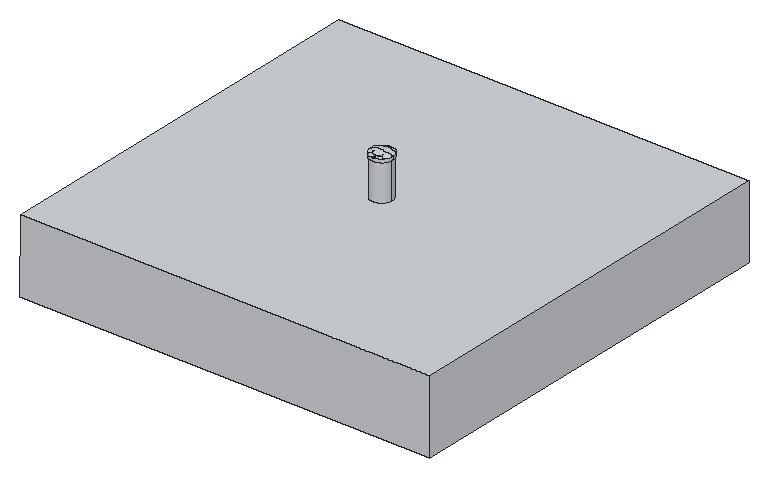
Revit family "Alcon-9150-D180-Revit-Family", category Luminarias, Revit 2025
Family settings
  Anfitrión = Cara
  Cota de conector redondo = Usar diámetro
  Tipo de pieza = Normal
  Corte con vacíos al cargar = No
  Origen de luz = Sí
  Mantener orientación de anotación = No
  Compartido = No
  Punto de cálculo de habitación = No
Parameters
  Tilt Angle = 60.00°
  built-in parameter 1010506 = 0.5236 (stored number, unit not read)
  built-in parameter 1010507 = 1.5708 (stored number, unit not read)
  Wattage = 9.2903 W
  URL = "https://www.alconlighting.com/9150-d180.html"
  built-in parameter 1150107 = 3200 (stored number, unit not read)
  TOP FINISH = none
  TAP LENS = none
  built-in parameter 1150110 = 1 (stored number, unit not read)
  built-in parameter 1150109 = 1 (stored number, unit not read)
  built-in parameter 1150112 = 1 (stored number, unit not read)
  built-in parameter 1150113 = 1 (stored number, unit not read)
  built-in parameter 1114218 = 1 (stored number, unit not read)
  Product Page = "https://www.alconlighting.com/9150-d180.html"
  Product Data URL = "https://www.alconlighting.com/9150-d180.html"
  built-in parameter 1150137 = (empty or 0)
  built-in parameter 1150132 = (empty or 0)
  Modelo = "Alcon Lighting 9150-D180"
  Longitud de símbolo de origen de luz = 10' - 0"
  Link to IES File = "https://www.alconlighting.com/9150-d180.html"
  LENS GLASS = Glass
  built-in parameter 1150105 = 4614.1 (stored number, unit not read)
  built-in parameter 1150102 = (empty or 0)
  built-in parameter 1150106 = 46.141 (stored number, unit not read)
  HOUSING = none
  GLASS LENS = Analytical Panels
  Lumens = 1380 lm
  Color Filter = 16777215
  built-in parameter 1114217 = 1 (stored number, unit not read)
  built-in parameter 1150139 = (empty or 0)
  Fabricante = "Alcon Lighting"
  Default Elevation = 4' - 0"
  built-in parameter 1150104 = 13.8 (stored number, unit not read)
  built-in parameter 1150115 = 1 (stored number, unit not read)
  built-in parameter 1150114 = 1 (stored number, unit not read)
  built-in parameter 1150138 = (empty or 0)
  built-in parameter 1150134 = 3
  Dimming Lamp Color Temperature Shift = (empty or 0)
  built-in parameter 1150133 = 10 (stored number, unit not read)
Reference planes (in)
  plane 1 "Center (Front/Back)": y = 0
  plane 2: z = 0
  plane 3 "Center (Left/Right)": x = 0
Forms (in)
  Extrusion 1, solid
    sketch origin (0, 0, 0) x (1, 0, 0) y (0, 1, 0)
      loop
        line (-33, 32.41633) -> (-33, -32.59453) -> (33.96505, -32.59453) -> (33.96505, 32.41633) -> (-33, 32.41633)
    from 0 to -12
  Extrusion 2, solid
    sketch origin (0, 0, 0) x (1, 0, 0) y (0, 1, 0)
      loop
        circle (0, 0) r 1.6875
    from 0 to 6
  Revolve 3, solid
    sketch origin (0, 0, 0) x (1, 0, 0) y (0, 0, 1)
      loop
        arc (0, 6.82421) -> (0.88527, 6.7205) -> (1.73047, 6.4375) r 4.32469
        line (1.73047, 6.4375) -> (1.23706, 6.4375) -> (1.23706, 6) -> (1.85, 6) -> (1.85, 6.4375)
        arc (1.85, 6.4375) -> (0.94905, 6.75794) -> (0, 6.875) r 4.37547
        line (0, 6.875) -> (0, 6.82421)
      axis (0, 6.875) -> (0, 6)
    angle from 0 to 360
  Extrusion 4, void
    sketch origin (0, 0, 6.4375) x (1, 0, 0) y (0, 1, 0)
      loop
        arc (-1.30815, -1.30815) -> (0, -1.85) -> (1.30815, -1.30815) r 1.85
        line (1.30815, -1.30815) -> (0.05873, -0.05873) -> (-0.05873, -0.05873) -> (-1.30815, -1.30815)
      loop
        line (-1.30815, 1.30815) -> (-0.05873, 0.05873) -> (0.05873, 0.05873) -> (1.30815, 1.30815)
        arc (1.30815, 1.30815) -> (0, 1.85) -> (-1.30815, 1.30815) r 1.85
    from 0 to 0.23802
  Extrusion 5, solid
    sketch origin (0, 0, 0) x (1, 0, 0) y (0, 1, 0)
      loop
        circle (0, -1.71313) r 0.1231
      loop
        circle (0, -1.71313) r 0.0621
      loop
        circle (0, 1.71313) r 0.1231
      loop
        circle (0, 1.71313) r 0.0621
      loop
        circle (1.71313, 0) r 0.1231
      loop
        circle (1.71313, 0) r 0.0621
      loop
        circle (-1.71313, 0) r 0.1231
      loop
        circle (-1.71313, 0) r 0.0621
    from 6.46603 to 6.4375
Cuts and joins
  Extrusion 4 cuts Extrusion 2
  Extrusion 4 cuts Revolve 3
Dimensions and locks (in)
  aligned and locked: plane 2 to Extrusion 1
  aligned and locked: level to Extrusion 1
